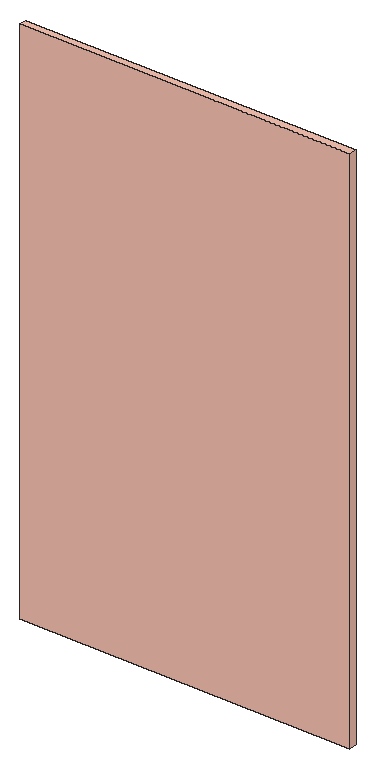
Revit family "EXP_WT-1B_CPan-003", category Curtain Panels, Revit 2021
Family settings
  OmniClass Number = 23.25.20.14.11.11.17
  OmniClass Title = Infill Panels
  Always vertical = Yes
  Cut with Voids When Loaded = No
  Shared = No
Parameters
  UI-UnitNumber [instance] = "001"
  UI-Quadrant [instance] = "SE"
  UI-ProjectAbbreviation = "NEU"
  UI-ItemCategory = "PID"
  UI-FloorNumber [instance] = "03"
  PNT-WallType = "WT1B"
  PNT-ProjectAbbreviation = "NEU"
  PNT-PanelType [instance] = "01"
  PNT-ItemCategory = "PNL"
  GlassSPH [instance] = 0' - 2 3/16"
  GlassH1 [instance] = IG-2F(Glass)
  Define Thermal Properties by = Schematic Type
  CellSp = 0' - 10 3/16"
  CellL [instance] = 8' - 0"
  CellH1 [instance] = CellH  # 12' - 11"
  CellH [instance] = 12' - 11"
  CellAngle = 90.73°
  Analytic Construction = "<None>"
Reference planes (in)
  plane 1 "Center (Front/Back)": y = 0
  plane 2: z = 0
  plane 3 "Center (Left/Right)": x = 0
  plane 4 "Left": x = -48
  plane 5 "Right": x = 48
  plane 6 "Top": z = 155
  plane 7: y = -10.1875
Forms (in)
  Extrusion 1, solid, material "IG-2F(Glass)" <- "GlassH1", detail levels coarse+medium
    sketch origin (0, 0, 0) x (1, 0, 0) y (0, 1, 0)
      loop
        line (48, 0) -> (-48, 0) -> (-48, -10.1875) -> (48, -10.1875) -> (48, 0)
    from 0 to 155
Text (in)
  text "Exterior" at (-92.59733, 55.75508, 0), in view "Ref. Level"
  text "Exterior" at (0, 90.18664, 173.49264), in view "Left"
  text "Exterior" at (0, 52.29083, 162.21847), in view "Right"
Dimensions and locks (in)
  "CellL": plane 4 "Left" to plane 5 "Right"
  equal spacing: plane 4 "Left", plane 3 "Center (Left/Right)", plane 5 "Right"
  "CellH": plane 2 to plane 6 "Top"
  "CellSp": plane 7 to plane 1 "Center (Front/Back)"
  aligned and locked: level to plane 2
  aligned and locked: Extrusion 1 sketch curve to plane 1 "Center (Front/Back)"
  aligned and locked: Extrusion 1 sketch curve to plane 7
  aligned and locked: Extrusion 1 to plane 2
  aligned and locked: plane 5 "Right" to Extrusion 1 sketch curve
  aligned and locked: plane 4 "Left" to Extrusion 1 sketch curve
  aligned and locked: Extrusion 1 to plane 6 "Top"
  aligned and locked: plane 5 "Right" to nested 1
  aligned and locked: plane 4 "Left" to Extrusion 1
  aligned and locked: plane 2 to Extrusion 1
  aligned and locked: nested 1 to plane 6 "Top"
  aligned and locked: nested 1 to plane 7
  aligned and locked: plane 7 to nested 2
  aligned and locked: nested 2 to plane 6 "Top"
  aligned and locked: plane 2 to nested 2
  aligned and locked: nested 2 to plane 5 "Right"
  aligned and locked: nested 2 to plane 4 "Left"
Nested families (in)
  nested 1: "EXP_xx_DetO-002" at (0, -10.1875, 0), CellH <- "CellH", CellL <- "CellL", type "EXP_xx_DetO-002", detail levels coarse
    with CellL 8' - 0", CellH 12' - 11"
  nested 2: "EXP_WT-1x_IG-001" at (0, -10.1875, 77.5) x (-1, 0, 0) z (0, 0, 1), MaterialGlass <- "GlassH1", GlassSP <- "GlassSPH", type "GlassSP = H", detail levels fine
    with MaterialGlass IG-2F(Glass), GlassSP 0' - 2 3/16", GlassL 7' - 10.12549", GlassH 12' - 8.12598", CellL 8' - 0", CellH 12' - 11"
Definition of nested family "EXP_WT-1x_IG-001"
  Parameters (values of type "H2 _ GlassSP = 1 1/4"")
    MaterialGlass [instance] = none
    GlassSP [instance] = 0' - 1 1/4"
    GlassL [instance] = CellL - (GlassD1 + GlassD3)  # 3' - 10.94439"
    GlassH [instance] = CellH - (GlassD2 + GlassD4)  # 6' - 6.64788"
    GlassD4 = 0' - 1.43701"
    GlassD3 = 0' - 0.93701"
    GlassD2 = 0' - 0 1/2"
    GlassD1 = 0' - 0 15/16"
    GMPI-ProjectAbbreviation = "NEU"
    GMPI-IteamCategory = "GLS"
    Default Elevation = 0' - 0"
    CellL [instance] = 4' - 0.8189"
    CellH [instance] = 6' - 8.58489"
  Types (12): name | GlassSP | GlassL | GlassH | GlassD4 | GlassD2 | GlassD1
    H2(x2) _ GlassSP = 2 1/8" | 0' - 2.12598" | 3' - 10.94488" | 6' - 6.64788" | 0' - 1.43701" | 0' - 0 1/2" | 0' - 0.93701"
    H1 _ GlassSP = 1 1/4" | 0' - 1 1/4" | 3' - 10.94439" | 6' - 6.89739" | 0' - 0 1/4" | 0' - 1 7/16" | 0' - 0 15/16"
    H2(x3) _ GlassSP = 2 1/8" | 0' - 2.12598" | 3' - 10.94488" | 6' - 7.83489" | 0' - 0 1/4" | 0' - 0 1/2" | 0' - 0.93701"
    H3 _ GlassSP = 1 1/4" | 0' - 1 1/4" | 3' - 10.94439" | 6' - 6.64788" | 0' - 1.43701" | 0' - 0 1/2" | 0' - 0 15/16"
    H _ GlassSP = 2 1/8" | 0' - 2.12598" | 3' - 10.94488" | 6' - 5.71088" | 0' - 1.43701" | 0' - 1.43701" | 0' - 0.93701"
    H _ GlassSP = 1 1/4" | 0' - 1 1/4" | 3' - 10.94439" | 6' - 5.71088" | 0' - 1.43701" | 0' - 1.43701" | 0' - 0 15/16"
    H2 _ GlassSP = 1 1/4" | 0' - 1 1/4" | 3' - 10.94439" | 6' - 6.64788" | 0' - 1.43701" | 0' - 0 1/2" | 0' - 0 15/16"
    GlassSP = H | 0' - 1 1/4" | 3' - 10.94439" | 6' - 5.71088" | 0' - 1.43701" | 0' - 1.43701" | 0' - 0 15/16"
    GlassSP = H3 | 0' - 1 1/4" | 3' - 10.94439" | 6' - 6.64788" | 0' - 1.43701" | 0' - 0 1/2" | 0' - 0 15/16"
    GlassSP = H2(x3) | 0' - 2.12598" | 3' - 10.94488" | 6' - 7.83489" | 0' - 0 1/4" | 0' - 0 1/2" | 0' - 0.93701"
    GlassSP = H2(x2) | 0' - 2.12598" | 3' - 10.94488" | 6' - 6.64788" | 0' - 1.43701" | 0' - 0 1/2" | 0' - 0.93701"
    GlassSP = H1 | 0' - 1 1/4" | 3' - 10.94439" | 6' - 6.89739" | 0' - 0 1/4" | 0' - 1 7/16" | 0' - 0 15/16"
  Reference planes (in)
    plane 1 "Center (Front/Back)": y = 0
    plane 2: z = 0
    plane 3 "Center (Left/Right)": x = 0
    plane 4: x = -24.40945
    plane 5: x = 24.40945
    plane 6: z = 40.29245
    plane 7: x = -23.47195
    plane 8: x = 23.47244
    plane 9: z = -40.29245
    plane 10: z = 39.79245
    plane 11: z = -38.85544
  Forms (in)
    Extrusion 1, solid, material <- "MaterialGlass"
      sketch origin (0, 0, 0) x (1, 0, 0) y (0, 0, 1)
        loop
          line (-23.47195, -38.85544) -> (23.47244, -38.85544) -> (23.47244, 39.79245) -> (-23.47195, 39.79245) -> (-23.47195, -38.85544)
      from 0 to 1.25 <- "GlassSP"
  Dimensions and locks (in)
    equal spacing: plane 6, level, plane 9
    "CellH": plane 6 to plane 9
    "GlassD2": plane 6 to plane 10
    "GlassD4": plane 11 to plane 9
    equal spacing: plane 4, plane 3 "Center (Left/Right)", plane 5
    "CellL": plane 4 to plane 5
    "GlassD1": plane 4 to plane 7
    "GlassD3": plane 5 to plane 8
    aligned and locked: level to plane 2
    aligned and locked: Extrusion 1 sketch curve to plane 11
    aligned and locked: Extrusion 1 sketch curve to plane 7
    aligned and locked: plane 10 to Extrusion 1 sketch curve
    aligned and locked: plane 8 to Extrusion 1 sketch curve
Definition of nested family "EXP_xx_DetO-002"
  Parameters (values of type "EXP_xx_DetO-002")
    Default Elevation = 0' - 0"
    CellL [instance] = 5' - 4.56693"
    CellH [instance] = 5' - 2.99213"
  Reference planes (in)
    plane 1 "Center (Front/Back)": y = 0
    plane 2: z = 0
    plane 3 "Center (Left/Right)": x = 0
    plane 4: x = -32.28346
    plane 5: x = 32.28346
    plane 6: z = 62.99213
  Lines and regions (in)
    model lines
      curve 1: line (-32.28346, 0, 62.99213) -> (32.28346, 0, 0)
      curve 2: line (32.28346, 0, 62.99213) -> (-32.28346, 0, 0)
  Dimensions and locks (in)
    "CellH": plane 6 to level
    equal spacing: plane 4, plane 3 "Center (Left/Right)", plane 5
    "CellL": plane 4 to plane 5
    aligned and locked: level to plane 2
  Automatic sketch dimensions
    curve 2 to level = 0' - 0"
    plane 4 to curve 2 = 0' - 0"
    plane 4 to curve 1 = 0' - 0"
    plane 5 to curve 2 = 0' - 0"
    curve 1 to level = 0' - 0"
    plane 5 to curve 1 = 0' - 0"
    curve 2 to plane 6 = 0' - 0"
    curve 1 to plane 6 = 0' - 0"
